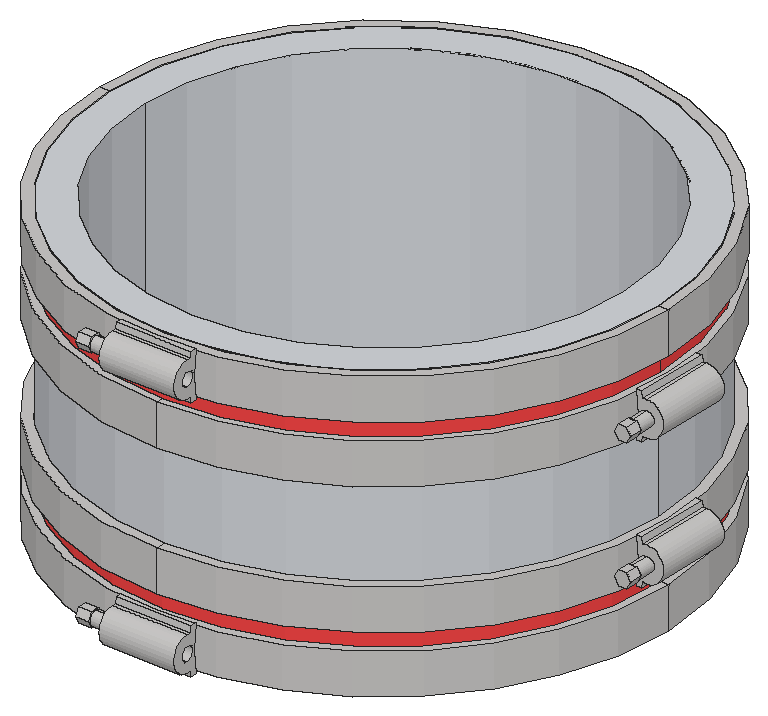
Revit family "MI-HUB-ARC-CL", category Pipe Accessories, Revit 2022
Family settings
  Round Connector Dimension = Use Diameter
  Part Type = Normal
  Work Plane-Based = No
  Always vertical = No
  Cut with Voids When Loaded = No
  Shared = No
Parameters (values of type "MI-HUB-ARC-CL-600")
  URL = "WWW.MIFAB.COM"
  Model = "MI-HUB-ARC-CL-600"
  Manufacturer = "MIFAB"
  Description = "SHIELDED REPAIR COUPLINGS - CLAY TO CAST IRON, PLASTIC, LEAD OR STEEL"
  Default Elevation = 0.00"
  Coupling height = 5.89"
  Coupling inner width = 6.56"
  Coupling outer width = 7.50"
Types (6): name | Model | Coupling height | Coupling inner width | Coupling outer width
  MI-HUB-ARC-CL-400 | "MI-HUB-ARC-CL-400" | 4.07" | 4.512" | 5.364"
  MI-HUB-ARC-CL-500 | "MI-HUB-ARC-CL-500" | 5.74" | 5.50" | 6.60"
  MI-HUB-ARC-CL-600 | "MI-HUB-ARC-CL-600" | 5.89" | 6.56" | 7.50"
  MI-HUB-ARC-CL-640 | "MI-HUB-ARC-CL-640" | 6.02" | 4.50" | 7.50"
  MI-HUB-ARC-CL-860 | "MI-HUB-ARC-CL-860" | 6.00" | 6.63" | 9.65"
  MI-HUB-ARC-CL-880 | "MI-HUB-ARC-CL-880" | 5.96" | 8.57" | 9.76"
Reference planes (in)
  plane 1 "Center (Front/Back)": y = 0
  plane 2: z = 0
  plane 3 "Center (Left/Right)": x = 0
  plane 4: z = 2.945
  plane 5: z = -2.945
  plane 6: z = 1.96333
  plane 7: z = -1.96333
  plane 8: z = 0.98167
  plane 9: z = -0.98167
Forms (in)
  Extrusion 1, solid
    sketch origin (0, 0, 0) x (1, 0, 0) y (0, 1, 0)
      loop
        circle (0, 0) r 3.28
      loop
        circle (0, 0) r 3.75
    from -1.96333 to 1.96333
Dimensions and locks (in)
  equal spacing: plane 4, plane 6, plane 8, level, plane 9, plane 7, plane 5
  "Coupling height": plane 4 to plane 5
  locked: plane 6 to nested 3 at 0.79
  locked: nested 4 to plane 7 at 0.79
  "Coupling inner width": diameter of Extrusion 1 sketch curve
  "Coupling outer width": diameter of Extrusion 1 sketch curve
  aligned and locked: level to plane 2
  aligned and locked: plane 3 "Center (Left/Right)" to nested 1
  aligned and locked: plane 1 "Center (Front/Back)" to nested 1
  aligned and locked: plane 1 "Center (Front/Back)" to nested 2
  aligned and locked: plane 3 "Center (Left/Right)" to nested 2
  aligned and locked: nested 2 to plane 6
  aligned and locked: plane 6 to Extrusion 1
  aligned and locked: Extrusion 1 to plane 7
  aligned and locked: nested 1 to plane 7
Automatic sketch dimensions
  Extrusion 1 sketch curve to Extrusion 1 sketch curve = 0.00"  (x2)
  plane 1 "Center (Front/Back)" to Extrusion 1 sketch curve = 0.00"
  Extrusion 1 sketch curve to plane 3 "Center (Left/Right)" = 0.00"
Nested families (in)
  nested 1: "Clamp" at (0, 0, -1.68208), Coupling outer width <- "Coupling outer width", type "Clamp"
    with Cut Up yes, Cut Bottom no, Coupling outer width 7.50"
  nested 2: "Clamp" at (0, 0, 1.68208), Coupling outer width <- "Coupling outer width", type "Clamp"
    with Cut Up no, Cut Bottom yes, Coupling outer width 7.50"
  nested 3: "Clamp" at (0, 0, 0.89208) x (0, 1, 0) z (0, 0, 1), Coupling outer width <- "Coupling outer width", type "Clamp"
    with Cut Up no, Cut Bottom no, Coupling outer width 7.50"
  nested 4: "Clamp" at (0, 0, -0.89208) x (0, 1, 0) z (0, 0, 1), Coupling outer width <- "Coupling outer width", type "Clamp"
    with Cut Up no, Cut Bottom no, Coupling outer width 7.50"
Definition of nested family "Clamp"
  Parameters (values of type "Clamp")
    Default Elevation = 0.00"
    Cut Up [instance] = yes
    Cut Bottom [instance] = yes
    Coupling outer width [instance] = 5.364"
  Reference planes (in)
    plane 1 "Center (Front/Back)": y = 0
    plane 2: z = 0
    plane 3 "Center (Left/Right)": x = 0
    plane 4: x = -2.682
    plane 5: x = 2.682
  Forms (in)
    Revolve 1, solid
      sketch origin (0, 0, 0) x (1, 0, 0) y (0, 0, 1)
        loop
          line (-2.682, -0.28125) -> (-2.682, 0.28125) -> (-2.82509, 0.28125) -> (-2.82509, -0.28125) -> (-2.682, -0.28125)
        axis (0, 0.28125) -> (0, -0.28125)
      angle from 0 to 360
    Revolve 2, solid, visible <- "Cut Bottom"
      sketch origin (0, 0, 0) x (1, 0, 0) y (0, 0, 1)
        loop
          line (-2.682, -0.58203) -> (-2.682, -0.28125) -> (-2.717, -0.28125) -> (-2.717, -0.58203) -> (-2.682, -0.58203)
        axis (-0.00038, -0.28125) -> (-0.00038, -0.58203)
      angle from 0 to 360
    Revolve 3, solid, visible <- "Cut Up"
      sketch origin (0, 0, 0.86328) x (1, 0, 0) y (0, 0, 1)
        loop
          line (-2.682, -0.58203) -> (-2.682, -0.28125) -> (-2.717, -0.28125) -> (-2.717, -0.58203) -> (-2.682, -0.58203)
        axis (-0.00038, -0.28125) -> (-0.00038, -0.58203)
      angle from 0 to 360
  Dimensions and locks (in)
    equal spacing: plane 5, plane 3 "Center (Left/Right)", plane 4
    "Coupling outer width": plane 5 to plane 4
    locked: plane 4 to Revolve 1 sketch curve at 0.14309
    aligned and locked: level to plane 2
    aligned and locked: plane 4 to Revolve 1 sketch curve
    aligned and locked: plane 1 "Center (Front/Back)" to nested 1
    aligned and locked: plane 3 "Center (Left/Right)" to nested 1
  Automatic sketch dimensions
    Revolve 1 sketch curve to plane 3 "Center (Left/Right)" = 0.00"
    Revolve 1 sketch curve to level = 0.28125"
    level to Revolve 1 sketch curve = 0.28125"
    Revolve 1 sketch curve to level = 4.46875"
    level to Revolve 1 sketch curve = 4.53125"
    Revolve 2 sketch curve to plane 4 = 0.00"
    Revolve 2 sketch curve to plane 4 = 0.035"
    Revolve 2 sketch curve to level = 0.58203"
    Revolve 2 sketch curve to level = 0.28125"
    Revolve 2 sketch curve to plane 3 "Center (Left/Right)" = 0.00038"
    Revolve 2 sketch curve to level = 4.47042"
    level to Revolve 2 sketch curve = 4.52958"
    Revolve 3 sketch curve to plane 4 = 0.00"
    Revolve 3 sketch curve to plane 4 = 0.035"
    level to Revolve 3 sketch curve = 0.28125"
    Revolve 3 sketch curve to Revolve 3 sketch curve = 0.30078"
    Revolve 3 sketch curve to plane 3 "Center (Left/Right)" = 0.00038"
    Revolve 3 sketch curve to level = 3.60713"
    level to Revolve 3 sketch curve = 5.39287"
  Nested families (in)
    nested 1: "HEX HEAD" at (0, 0, 0), Coupling outer width <- "Coupling outer width", type "HEX HEAD"
      with Radius 2.82262", Diameter 5.64525", Coupling outer width 5.364"
  Definition of nested family "HEX HEAD"
    Parameters (values of type "HEX HEAD")
      W = 0.625"
      Radius [instance] = Diameter / 2  # 3.14062"
      Material = none
      Diameter [instance] = Coupling outer width + 0.28125"  # 6.28125"
      Default Elevation = 0.00"
      Coupling outer width [instance] = 6.00"
    Reference planes (in)
      plane 1 "Center (Front/Back)": y = 0
      plane 2: z = 0.00001
      plane 3 "Center (Left/Right)": x = 0
      plane 4: z = 0.875
      plane 5: y = -3.14063
      plane 6: x = -0.92739
    Forms (in)
      Extrusion 1, solid, material <- "Material"
        sketch origin (-0.92739, -4.7148, 0.00001) x (0, 0, -1) y (0, 1, 0)
          loop
            line (0.09633, 1.51855) -> (0, 1.57417) -> (-0.09633, 1.51855) -> (-0.09633, 1.40732) -> (0, 1.3517) -> (0.09633, 1.40732) -> (0.09633, 1.51855)
        from 0 to 0.17508
      Extrusion 2, void
        sketch origin (-0.00001, 0, 0.00001) x (0, -1, 0) y (1, 0, 0)
          loop
            circle (0, 0) r 3.14063
        from -5.70489 to 12
      Extrusion 3, solid, material <- "Material"
        sketch origin (-0.36489, -1.50075, 0.00001) x (0, 0, 1) y (0, -1, 0)
          loop
            line (0.3125, 1.60968) -> (0.3125, 1.68504)
            arc (0.3125, 1.68504) -> (0.27379, 1.69239) -> (0.2349, 1.69876) r 1.57232
            line (0.2349, 1.69876) -> (0.2349, 1.75112)
            arc (0.2349, 1.75112) -> (0, 1.98602) -> (-0.2349, 1.75112) r 0.2349
            line (-0.2349, 1.75112) -> (-0.2349, 1.69876)
            arc (-0.2349, 1.69876) -> (-0.27379, 1.69239) -> (-0.3125, 1.68504) r 1.57232
            line (-0.3125, 1.68504) -> (-0.3125, 1.60968)
            arc (-0.3125, 1.60968) -> (0, 1.64245) -> (0.3125, 1.60968) r 1.50617
          loop
            circle (0, 1.75112) r 0.09633
        from -0.14522 to 0.875
      Extrusion 4, solid, material <- "Material"
        sketch origin (-0.92739, -4.7148, 0.00001) x (0, 0, -1) y (0, 1, 0)
          loop
            circle (0, 1.46293) r 0.09633
        from 0.17508 to 0.41728
    Cuts and joins
      Extrusion 2 cuts Extrusion 3
    Dimensions and locks (in)
      plane 4 to level = 0.875"
      level to plane 4 = 0.875"
      "W": Extrusion 3 sketch curve to Extrusion 3 sketch curve
      "Radius": plane 5 to plane 1 "Center (Front/Back)"
      "Diameter": diameter of Extrusion 2 sketch curve
      aligned and locked: plane 2 to level
    Automatic sketch dimensions
      Extrusion 1 sketch curve to plane 5 = 0.00"
      level to Extrusion 1 sketch curve = 0.09634"
      level to Extrusion 1 sketch curve = 0.00001"  (x2)
      Extrusion 1 sketch curve to level = 0.09633"
      Extrusion 1 sketch curve to plane 5 = 0.05562"  (x2)
      Extrusion 1 sketch curve to Extrusion 1 sketch curve = 0.11124"  (x2)
      Extrusion 1 sketch curve to Extrusion 1 sketch curve = 0.05562"
      level to Extrusion 4 sketch curve = 0.00001"
      Extrusion 4 sketch curve to plane 5 = 0.11124"
      Extrusion 3 sketch curve to Extrusion 3 sketch curve = 0.00"  (x4)
      Extrusion 3 sketch curve to plane 2 = 0.00"  (x3)
      Extrusion 3 sketch curve to plane 5 = 0.11124"
      Extrusion 3 sketch curve to level = 0.2349"
      plane 5 to Extrusion 3 sketch curve = 0.0302"
      Extrusion 3 sketch curve to Extrusion 3 sketch curve = 0.0776"
      plane 5 to Extrusion 3 sketch curve = 1.49579"
      Extrusion 3 sketch curve to Extrusion 3 sketch curve = 0.00781"
      Extrusion 3 sketch curve to plane 5 = 0.04516"  (x2)
      plane 1 "Center (Front/Back)" to Extrusion 2 sketch curve = 0.00"
      Extrusion 2 sketch curve to plane 3 "Center (Left/Right)" = 0.00001"
      radius of Extrusion 4 sketch curve = 0.09633"
      radius of Extrusion 3 sketch curve = 0.09633"
